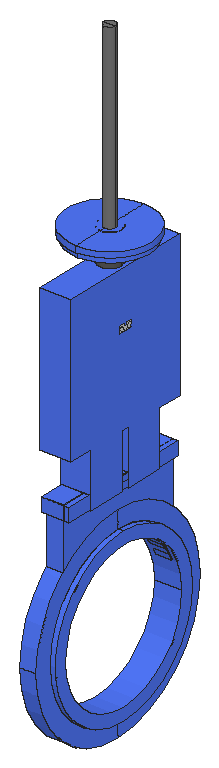
Revit family "702-50-103-DN50-600", category Pipe Accessories, Revit 2019
Family settings
  Round Connector Dimension = Use Diameter
  Part Type = Valve - Breaks Into
  Work Plane-Based = No
  Always vertical = Yes
  Cut with Voids When Loaded = No
  Shared = No
Parameters (values of type "DN 500")
  W3 = W2 / 1.2  # 290.833 mm
  W2 = W / 2  # 349 mm
  W = size_lookup(Search_table, "W", 0 mm, [Nominal Diameter (DN)])  # 698 mm
  URL product pages = "https://www.avkvalves.com"
  Search_table = "702-50-103-DN50-600"
  Neck_Rod = if([Nominal Diameter (DN)] > 399 mm, 40 mm, if([Nominal Diameter (DN)] > 299 mm, 30 mm, if([Nominal Diameter (DN)] > 199 mm, 20 mm, if([Nominal Diameter (DN)] > 39 mm, 10 mm, 10 mm))))  # 40 mm
  Name_Ref = H_Ref * 1.5  # 907.4 mm
  L2 = L * 1.1  # 104.5 mm
  L = size_lookup(Search_table, "L", 0 mm, [Nominal Diameter (DN)])  # 95 mm
  ID = [Nominal Diameter (DN)] / 2  # 250 mm
  Nominal Diameter (DN) = 500 mm
  Ho = size_lookup(Search_table, "Ho", 0 mm, [Nominal Diameter (DN)])  # 1826 mm
  Hc = size_lookup(Search_table, "Hc", 0 mm, [Nominal Diameter (DN)])  # 1211 mm
  H_Ref = Body_width * 1.3  # 604.933 mm
  H3 = size_lookup(Search_table, "H3", 0 mm, [Nominal Diameter (DN)])  # 2175 mm
  Flange_Thickness = if([Nominal Diameter (DN)] > 399 mm, 20 mm, if([Nominal Diameter (DN)] > 299 mm, 15 mm, if([Nominal Diameter (DN)] > 199 mm, 10 mm, if([Nominal Diameter (DN)] > 39 mm, 5 mm, 5 mm))))  # 20 mm
  Description_ = "AVK KNIFE GATE VALVE"
  DN600_PN10 = "702-600-50-034"
  DN600 = yes
  DN500_PN10 = "702-500-50-034"
  DN500 = yes
  DN450_PN10 = "702-450-50-034"
  DN450 = yes
  DN400_PN10 = "702-400-50-034"
  DN400 = yes
  DN350_PN10 = "702-350-50-034"
  DN350 = yes
  DN300_PN10 = "702-300-50-034"
  DN300 = yes
  DN250_PN10 = "702-250-50-034"
  DN200_PN10 = "702-200-50-034"
  DN200 = yes
  DN150_PN10/16 = "702-150-50-134"
  DN150 = yes
  DN125_PN10/16 = "702-125-50-134"
  DN125 = yes
  DN100_PN10/16 = "702-100-50-134"
  DN100 = yes
  DN080_PN10/16 = "702-080-50-134"
  DN080 = yes
  DN065_PN10/16 = "702-065-50-134"
  DN065 = yes
  DN050_PN10/16 = "702-050-50-134"
  DN050 = yes
  Bonnet_height_2 = Hc / 2  # 605.5 mm
  Bonnet_height = Hc / 1.1  # 1100.909 mm
  Body_width = W / 1.5  # 465.333 mm
  B2_Ref = W2 * 1.2  # 418.8 mm
Types (15, lengths in mm): name | W3 | W2 | W | Neck_Rod | Name_Ref | L2 | L | ID | Nominal Diameter (DN) | Ho | Hc | H_Ref | H3 | Flange_Thickness | Bonnet_height_2 | Bonnet_height | Body_width | B2_Ref
  (no name) | 290.833 | 349 | 698 | 40 | 907.4 | 104.5 | 95 | 250 | 500 | 1826 | 1211 | 604.933 | 2175 | 20 | 605.5 | 1100.909 | 465.333 | 418.8
  DN 050 | 54.167 | 65 | 130 | 10 | 169 | 47.3 | 43 | 25 | 50 | 407 | 300 | 112.667 | 472 | 5 | 150 | 272.727 | 86.667 | 78
  DN 065 | 59.583 | 71.5 | 143 | 10 | 185.9 | 50.6 | 46 | 32.5 | 65 | 444 | 325 | 123.933 | 516 | 5 | 162.5 | 295.455 | 95.333 | 85.8
  DN 080 | 76.25 | 91.5 | 183 | 10 | 237.9 | 50.6 | 46 | 40 | 80 | 499 | 357 | 158.6 | 591 | 5 | 178.5 | 324.545 | 122 | 109.8
  DN 100 | 84.167 | 101 | 202 | 10 | 262.6 | 57.2 | 52 | 50 | 100 | 582 | 392 | 175.067 | 684 | 5 | 196 | 356.364 | 134.667 | 121.2
  DN 125 | 95.417 | 114.5 | 229 | 10 | 297.7 | 61.6 | 56 | 62.5 | 125 | 618 | 428 | 198.467 | 733 | 5 | 214 | 389.091 | 152.667 | 137.4
  DN 150 | 111.25 | 133.5 | 267 | 10 | 347.1 | 61.6 | 56 | 75 | 150 | 732 | 510 | 231.4 | 867 | 5 | 255 | 463.636 | 178 | 160.2
  DN 200 | 135.833 | 163 | 326 | 20 | 423.8 | 66 | 60 | 100 | 200 | 882 | 610 | 282.533 | 1045 | 10 | 305 | 554.545 | 217.333 | 195.6
  DN 300 | 187.917 | 225.5 | 451 | 30 | 586.3 | 85.8 | 78 | 150 | 300 | 1219 | 834 | 390.867 | 1445 | 15 | 417 | 758.182 | 300.667 | 270.6
  DN 350 | 215.833 | 259 | 518 | 30 | 673.4 | 85.8 | 78 | 175 | 350 | 1362 | 927 | 448.933 | 1621 | 15 | 463.5 | 842.727 | 345.333 | 310.8
  DN 400 | 240 | 288 | 576 | 40 | 748.8 | 99 | 90 | 200 | 400 | 1510 | 1035 | 499.2 | 1800 | 20 | 517.5 | 940.909 | 384 | 345.6
  DN 450 | 257.5 | 309 | 618 | 40 | 803.4 | 99 | 90 | 225 | 450 | 1717 | 1167 | 535.6 | 2030 | 20 | 583.5 | 1060.909 | 412 | 370.8
  DN 500 | 290.833 | 349 | 698 | 40 | 907.4 | 104.5 | 95 | 250 | 500 | 1826 | 1211 | 604.933 | 2175 | 20 | 605.5 | 1100.909 | 465.333 | 418.8
  DN 600 | 340.417 | 408.5 | 817 | 40 | 1062.1 | 115.5 | 105 | 300 | 600 | 2115 | 1400 | 708.067 | 2527 | 20 | 700 | 1272.727 | 544.667 | 490.2
  DN 250 | 164.583 | 197.5 | 395 | 20 | 513.5 | 74.8 | 68 | 125 | 250 | 1044 | 716 | 342.333 | 1243 | 10 | 358 | 650.909 | 263.333 | 237
Reference planes
  plane 1 "Center (Front/Back)": y = 0
  plane 2: z = 0
  plane 3 "Center (Left/Right)": x = 0
  plane 4: x = -47.5
  plane 5: x = 47.5
  plane 6: y = 145.417
  plane 7: y = -145.417
  plane 8: x = -52.25
  plane 9: x = 52.25
  plane 10: z = 465.333
  plane 11: z = 445.333
  plane 12: x = -18
  plane 13: x = 18
  plane 14: z = 1211
  plane 15: y = 15.843
  plane 16: y = -15.843
  plane 17: z = 604.933
  plane 18: z = 605.5
  plane 19: y = 145.417
  plane 20: y = -145.417
  plane 21: x = -52.25
  plane 22: x = 52.25
  plane 23: z = 1211
  plane 24: z = 1826
  plane 25: z = -349
  plane 26: z = 349
  plane 27: y = -349
  plane 28: y = 349
Forms (mm)
  Extrusion 1, solid, material "Plastic"
    sketch origin (0, 0, 0) x (0, 1, 0) y (0, 0, 1)
      loop
        circle (0, 0) r 349
      loop
        circle (0, 0) r 250
    from -47.5 to 47.5
  Revolve 2, void
    sketch origin (0, 0, 0) x (1, 0, 0) y (0, 0, 1)
      loop
        line (47.5, 349) -> (27.5, 349) -> (27.5, 290.833) -> (47.5, 290.833) -> (47.5, 349)
      loop
        line (-47.5, 349) -> (-47.5, 290.833) -> (-27.5, 290.833) -> (-27.5, 349) -> (-47.5, 349)
      axis (-47.5, 0) -> (47.5, 0)
    angle from 0 to 360
  Extrusion 3, solid, material "Plastic"
    sketch origin (0, 0, 0) x (0, 1, 0) y (0, 0, 1)
      loop
        line (232.667, 0) -> (232.667, 465.333) -> (-232.667, 465.333) -> (-232.667, 0) -> (232.667, 0)
    from -27.5 to 27.5
  Extrusion 4, solid, material "Plastic"
    sketch origin (0, 0, 0) x (1, 0, 0) y (0, 0, 1)
      loop
        line (52.25, 465.333) -> (-52.25, 465.333) -> (-52.25, 445.333) -> (52.25, 445.333) -> (52.25, 465.333)
    from -145.417 to 145.417
  Extrusion 5, solid, material "Plastic"
    sketch origin (0, 0, 0) x (1, 0, 0) y (0, 0, 1)
      loop
        line (-47.5, 465.333) -> (-47.5, 418.8) -> (47.5, 418.8) -> (47.5, 465.333) -> (-47.5, 465.333)
    from -232.667 to 232.667
  Extrusion 6, solid, material "Plastic"
    sketch origin (0, 0, 0) x (0, 1, 0) y (0, 0, 1)
      loop
        line (145.417, 418.8) -> (145.417, 605.5) -> (232.667, 605.5) -> (232.667, 1100.909) -> (-232.667, 1100.909) -> (-232.667, 605.5) -> (-145.417, 605.5) -> (-145.417, 418.8) -> (-15.843, 418.8) -> (-15.843, 604.933) -> (15.843, 604.933) -> (15.843, 418.8) -> (145.417, 418.8)
    from -52.25 to 52.25
  Revolve 7, solid, material "Steel"
    sketch origin (0, 0, 0) x (1, 0, 0) y (0, 0, 1)
      loop
        line (0, 1211) -> (0, 1100.909) -> (40, 1100.909) -> (40, 1211) -> (0, 1211)
      axis (0, 1100.909) -> (0, 1211)
    angle from 0 to 360
  Revolve 8, solid, material "Stainless Steel AISI 304"
    sketch origin (0, 0, 0) x (1, 0, 0) y (0, 0, 1)
      loop
        line (0, 1826) -> (0, 1211) -> (20, 1211) -> (20, 1826) -> (0, 1826)
      axis (0, 1826) -> (0, 1211)
    angle from 0 to 360
  Extrusion 9, void
    sketch origin (0, 0, 0) x (0, 1, 0) y (0, 0, 1)
      loop
        circle (0, 0) r 250
    from -47.5 to 47.5
  Revolve 10, solid, material "Plastic"
    sketch origin (0, 0, 0) x (0, 1, 0) y (0, 0, 1)
      loop
        line (0, 1211) -> (-145.417, 1211) -> (-145.417, 1191) -> (-135.417, 1191) -> (-135.417, 1171) -> (0, 1171) -> (0, 1211)
      axis (0, 1211) -> (0, 1171)
    angle from 0 to 360
Cuts and joins
  Revolve 2, Extrusion 9 cuts Extrusion 1
  Extrusion 9 cuts Extrusion 3
Dimensions and locks
  equal spacing: plane 4, plane 3 "Center (Left/Right)", plane 5
  "L": plane 4 to plane 5
  "W2": Revolve 2 sketch curve to level
  "Flange_Thickness": Revolve 2 sketch curve to Extrusion 1
  "Flange_Thickness": Extrusion 1 to Revolve 2 sketch curve
  "W3": Revolve 2 sketch curve to level
  equal spacing: Extrusion 3 sketch curve, plane 1 "Center (Front/Back)", Extrusion 3 sketch curve
  "Body_width": Extrusion 3 sketch curve to Extrusion 3 sketch curve  (x2)
  level to Extrusion 3 = 465.333 mm
  equal spacing: plane 6, plane 1 "Center (Front/Back)", plane 7
  "W3": plane 6 to plane 7
  equal spacing: plane 8, plane 3 "Center (Left/Right)", plane 9
  "L2": plane 8 to plane 9
  "Flange_Thickness": plane 10 to plane 11
  "Body_width": plane 10 to level
  "B2_Ref": Extrusion 5 sketch curve to level
  "Hc": plane 14 to level
  equal spacing: plane 15, plane 1 "Center (Front/Back)", plane 16
  "Bonnet_height_2": level to plane 18
  "Bonnet_height": Extrusion 6 sketch curve to level
  equal spacing: plane 21, plane 3 "Center (Left/Right)", plane 22
  "L2": plane 21 to plane 22
  "H_Ref": level to plane 17
  "Hc": plane 23 to level
  "Neck_Rod": Revolve 7 sketch curve to Revolve 7 sketch curve
  "Flange_Thickness": Revolve 8 sketch curve to Revolve 8 sketch curve
  "Name_Ref": level to nested 1
  cut or joined group of Extrusion 1, Revolve 2, Extrusion 9 to cut or joined group of Extrusion 1, Revolve 2, Extrusion 9 = 95 mm
  equal spacing: plane 26, level, plane 25
  "W": plane 26 to plane 25
  "H3": plane 24 to plane 25
  equal spacing: plane 28, plane 1 "Center (Front/Back)", plane 27
  "W": plane 28 to plane 27
  plane 24 to level = 1826 mm
  "Flange_Thickness": Revolve 10 sketch curve to Revolve 10 sketch curve  (x2)
  "W": diameter of Extrusion 1 sketch curve
  "Nominal Diameter (DN)": diameter of Extrusion 1 sketch curve
  aligned and locked: level to plane 2
  aligned and locked: Extrusion 1 to plane 5
  aligned and locked: Extrusion 1 to plane 4
  aligned and locked: Extrusion 1 to Revolve 2 sketch curve
  aligned and locked: Revolve 2 sketch curve to Revolve 2 sketch curve  (x2)
  aligned and locked: Revolve 2 sketch curve to plane 2
  aligned and locked: Extrusion 3 sketch curve to level
  aligned and locked: plane 6 to Extrusion 4
  aligned and locked: Extrusion 4 to plane 7
  aligned and locked: plane 11 to Extrusion 4 sketch curve  (x2)
  aligned and locked: plane 10 to Extrusion 4 sketch curve  (x2)
  aligned and locked: plane 4 to Extrusion 5 sketch curve
  aligned and locked: Extrusion 5 sketch curve to plane 5
  aligned and locked: Extrusion 5 sketch curve to Extrusion 4
  aligned and locked: Extrusion 5 to Extrusion 3
  aligned and locked: Extrusion 3 to Extrusion 5
  aligned and locked: plane 8 to Extrusion 4 sketch curve
  aligned and locked: Extrusion 4 sketch curve to plane 9
  aligned and locked: Extrusion 3 to cut or joined group of Extrusion 1, Revolve 2, Extrusion 9  (x2)
  aligned and locked: Extrusion 6 sketch curve to plane 6
  aligned and locked: Extrusion 6 sketch curve to plane 7
  aligned and locked: Extrusion 5 to Extrusion 6 sketch curve
  aligned and locked: Extrusion 6 sketch curve to Extrusion 5
  aligned and locked: Extrusion 6 sketch curve to plane 15  (x2)
  aligned and locked: Extrusion 6 sketch curve to plane 19
  aligned and locked: Extrusion 6 sketch curve to plane 16  (x2)
  aligned and locked: Extrusion 6 sketch curve to plane 20
  aligned and locked: plane 17 to Extrusion 6 sketch curve  (x2)
  aligned and locked: plane 7 to plane 20
  aligned and locked: plane 6 to plane 19
  aligned and locked: Extrusion 3 to Extrusion 6 sketch curve  (x2)
  aligned and locked: Extrusion 6 to Extrusion 4  (x2)
  aligned and locked: Extrusion 6 to Revolve 7 sketch curve
  aligned and locked: plane 3 "Center (Left/Right)" to Revolve 7 sketch curve
  aligned and locked: Revolve 7 sketch curve to plane 23
  aligned and locked: plane 3 "Center (Left/Right)" to Revolve 8 sketch curve
  aligned and locked: plane 23 to Revolve 8 sketch curve
  aligned and locked: Revolve 8 sketch curve to plane 24
  aligned and locked: Revolve 8 sketch curve to Revolve 8 sketch curve
  aligned and locked: Extrusion 9 sketch curve to cut or joined group of Extrusion 1, Revolve 2, Extrusion 9  (x2)
  aligned and locked: Extrusion 1 to Extrusion 9  (x2)
  aligned and locked: nested 1 to plane 1 "Center (Front/Back)"
  aligned and locked: plane 1 "Center (Front/Back)" to Revolve 10 sketch curve  (x2)
  aligned and locked: plane 7 to Revolve 10 sketch curve
  aligned and locked: Revolve 10 sketch curve to plane 23
Automatic sketch dimensions
  Extrusion 1 sketch curve to Extrusion 1 sketch curve = 0 mm  (x2)
  Extrusion 1 sketch curve to level = 0 mm
  Extrusion 1 sketch curve to plane 1 "Center (Front/Back)" = 0 mm
  plane 4 to Revolve 2 sketch curve = 0 mm
  Revolve 2 sketch curve to plane 4 = 2.3 mm
  plane 5 to Revolve 2 sketch curve = 8 mm
  plane 18 to Extrusion 6 sketch curve = 0 mm  (x2)
  Revolve 7 sketch curve to plane 3 "Center (Left/Right)" = 0 mm
  plane 26 to Revolve 7 sketch curve = 2.531 mm
  plane 24 to Revolve 7 sketch curve = 13.283 mm
  Revolve 8 sketch curve to Revolve 8 sketch curve = 18 mm
  Revolve 8 sketch curve to Revolve 8 sketch curve = 15 mm
  plane 7 to Revolve 10 sketch curve = 10 mm
  Revolve 10 sketch curve to Revolve 10 sketch curve = 5.038 mm
  Revolve 10 sketch curve to Revolve 10 sketch curve = 7.902 mm
Nested families
  nested 1: "LOGO LV Final.0001" at (52.25, 0, 896.033) x (0, 1, 0) z (1, 0, 0), type "LOGO LV Final.0001"
Connectors
  piping at (47.5, 0, 0), diameter 500, driven by "Nominal Diameter (DN)"
    settings: on cut or joined group of Extrusion 1, Revolve 2, Extrusion 9, index 1, connector inside diameter 609.6 mm, connector length 0 mm, flow factor 0, pipe flow 0.0 L/s, pressure drop 0.0 Pa, fitting loss kfactor 0, connector angle 0.00°, fixture units 0, engagement length 0 mm, angle of deflection 0.00°, flow configuration 0, flow direction 0, fitting loss method 0, system type 7, joint type 0, gender type 0, connector reference index -1, connector utility 0, adjustable connector no, is connector primary yes, connector description ""
  piping at (-47.5, 0, 0), diameter 500, driven by "Nominal Diameter (DN)"
    settings: on cut or joined group of Extrusion 1, Revolve 2, Extrusion 9, index 2, connector inside diameter 609.6 mm, connector length 0 mm, flow factor 0, pipe flow 0.0 L/s, pressure drop 0.0 Pa, fitting loss kfactor 0, connector angle 0.00°, fixture units 0, engagement length 0 mm, angle of deflection 0.00°, flow configuration 0, flow direction 0, fitting loss method 0, system type 7, joint type 0, gender type 0, connector reference index -1, connector utility 0, adjustable connector no, is connector primary no, connector description ""
Definition of nested family "LOGO LV Final.0001"
  Parameters (values of type "LOGO LV Final.0001")
    Default Elevation = 1219.2 mm
  Reference planes
    plane 1 "Center (Front/Back)": y = 0
    plane 2: z = 0
    plane 3 "Center (Left/Right)": x = 0
  Forms (mm)
    Extrusion 1, solid
      sketch origin (0, 0, 0) x (1, 0, 0) y (0, 1, 0)
        loop
          line (-1219.2, 1219.2) -> (-1219.2, -1219.2) -> (1219.2, -1219.2) -> (1219.2, 1219.2) -> (-1219.2, 1219.2)
      from 0 to -304.8
    Extrusion 2, solid
      sketch origin (0, 0, 0) x (1, 0, 0) y (0, 1, 0)
        loop
          line (-6.514, 34.224) -> (-24, 34.224) -> (-24, 29.481) -> (-9.766, 29.481) -> (-2.391, 11.367) -> (2.391, 11.367) -> (9.766, 29.481) -> (24, 29.481) -> (24, 34.224) -> (6.514, 34.224) -> (0, 18.224) -> (-6.514, 34.224)
        loop
          line (-10.996, 27.653) -> (-24, 27.653) -> (-24, 23.081) -> (-19.503, 23.081) -> (-24, 11.367) -> (-18.92, 11.367) -> (-17.955, 13.881) -> (-10.51, 13.881) -> (-9.486, 11.367) -> (-4.365, 11.367) -> (-10.996, 27.653)
        loop
          line (-16.777, 18.224) -> (-12.278, 18.224) -> (-14.594, 23.912) -> (-16.777, 18.224)
        loop
          line (4.365, 11.367) -> (9.486, 11.367) -> (12.093, 17.77) -> (16.918, 11.367) -> (22.857, 11.367) -> (17.399, 18.61)
          arc (17.399, 18.61) -> (20.583, 20.18) -> (22.629, 23.081) r 7.2
          line (22.629, 23.081) -> (24, 23.081) -> (24, 27.653) -> (19.429, 27.653)
          arc (19.429, 27.653) -> (17.763, 23.526) -> (13.699, 21.714) r 5.943
          line (13.699, 21.714) -> (16.117, 27.653) -> (10.996, 27.653) -> (4.365, 11.367)
      from 0 to 1
  Dimensions and locks
    aligned and locked: plane 2 to Extrusion 1
    aligned and locked: level to Extrusion 1
    aligned and locked: Extrusion 2 sketch curve to import instance
